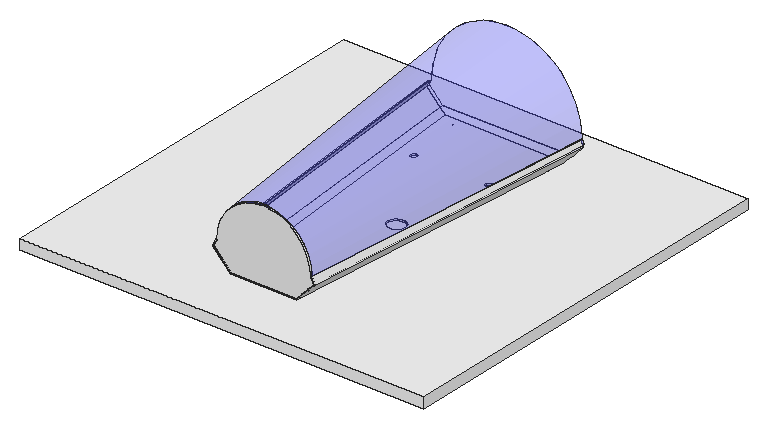
Revit family "BE_50126.1_de_DE", category Leuchten, Revit 2015
Parameters (values of type "BEGA_50126.1_K4")
  built-in parameter 1150104 = 9.1324 (stored number, unit not read)
  Wattage = 24 W
  Default Elevation = 0 mm
  built-in parameter 1150113 = 1 (stored number, unit not read)
  built-in parameter 1114218 = 1 (stored number, unit not read)
  Umgebungstemperatur = "25 °C"
  URL = "http://www.bega.de/produkt/50126.1"
  Typenkommentare = "© 2017 BEGA. Wir behalten uns das Recht vor, technische Änderungen ohne vorherige Ankündigung vorzunehmen."  # constant formula
  built-in parameter 1150134 = 12
  built-in parameter 1150109 = 1 (stored number, unit not read)
  Strom = ""
  built-in parameter 1150110 = 1 (stored number, unit not read)
  Spannung = 230 V
  Sonderanfertigung = no
  Seriennummer [instance] = "Hier können Sie die eindeutige Seriennummer für das Facility Management eintragen."
  Schutzklasse = "I"
  Schutzart = "IP 20"
  Scheinlast = 0 VA
  Produktdatenblatt = "http://www.bega.de/download/Xrfa/db/50126.1.db.de.pdf"
  Oberflächentemperatur = ""
  Neigungswinkel = 0.00°
  Modell = "50126.1K4"
  Material_17 = BEGA_Reflektor
  Material_15 = BEGA_Leuchtmedium_matt
  Material_11 = BEGA_Glas_opal
  Material_09 = BEGA_Glas_klar
  Material_06 = BEGA_Oberfläche_Edelstahl_gebürstet
  Material_05 = BEGA_Oberfläche_Aluminium Guss
  Material_03 = BEGA_Oberfläche_Weiss_matt
  Material_02 = BEGA_Oberfläche_Silber_matt
  Material_01 [instance] = BEGA_Oberfläche_Grafit_matt
  M_W = no
  M_G = no
  M_A = no
  Logo = 0
  built-in parameter 1114217 = 1 (stored number, unit not read)
  built-in parameter 1150139 = (empty or 0)
  built-in parameter 1150105 = 187.74 (stored number, unit not read)
  built-in parameter 1150114 = 1 (stored number, unit not read)
  Lumens = 2359.2 lm
  built-in parameter 1150115 = 1 (stored number, unit not read)
  Leuchtenlichtstrom = "1435 lm"
  Leuchtenanzahl = ""
  Lebensdauerkriterien = "L70B50 @ 25 °C =  h"
  Lastklassifizierung = Beleuchtung
  built-in parameter 1150112 = 1 (stored number, unit not read)
  Lampenlichtstrom = "2360 lm"
  Lampe = "LED 24 W"
  LED_Modulbezeichnung = "LED-0607/840 "
  Hersteller = "BEGA"  # constant formula
  Halbstreuwinkel = ""
  Gewicht = "1.45 kg"
  Gebrauchslageneinschränkung [instance] = ""
  Frequenz = "50/60 Hz"
  Farbwiedergabeindex = "Ra > 80"
  Farbtemperaturverschiebung bei Dämpfen der Lampe = <Keine Auswahl>
  Farbtemperatur = "4000 K"
  Color Filter = 16777215
  built-in parameter 1150133 = 10 (stored number, unit not read)
  Energieeffizienzklasse = "LED A++ - A"
  built-in parameter 1150137 = (empty or 0)
  built-in parameter 1150132 = (empty or 0)
  ENEC = ""
  Dimmbar [instance] = ""
  Datei für fotometrisches Netz = "BE_50126K4.IES"
  CE_Konformität = "ja"
  Bestellnummer = "50126.1K4"
  Beschreibung_Sonderanfertigung = "Hier können Sie Informationen zur Sonderanfertigung eintragen."
  Beschreibung = "Wandleuchte"
  built-in parameter 1150106 = 1.8774 (stored number, unit not read)
  Befestigungsbohrung = "Ø 6 mm"
  Befestigungsabstand = "74 mm"
  Ballwurfsicher = ""
  BEGA_Intern_aus = yes
  BEGA_Intern_an = yes
  BEGA_Intern_Konstruktion = yes
  BEGA_Intern = yes
  BEGA_IES = yes
  BEGA_Dummy = no
  Anschlussleitung = ""
  Anschlussleistung [instance] = "24 W"
  Anschlusskasten = ""
  built-in parameter 1150107 = 4000 (stored number, unit not read)
  built-in parameter 1150102 = (empty or 0)
  built-in parameter 1150138 = (empty or 0)
  Aktualisierung = "2017-09-22T04:10:28"
  Abstand_zur_angestrahlten_Fläche [instance] = ""
  AC/DC = "AC"
Types (2, lengths in mm): name | built-in parameter 1150104 | built-in parameter 1150134 | Modell | built-in parameter 1150105 | Lumens | Leuchtenlichtstrom | Lampenlichtstrom | LED_Modulbezeichnung | Farbtemperatur | Datei für fotometrisches Netz | Bestellnummer | built-in parameter 1150106 | built-in parameter 1150107
  BEGA_50126.1_K3 | 8.3613 (stored number, unit not read) | (empty or 0) | "50126.1" | 171.89 (stored number, unit not read) | 2160 lm | "1314 lm" | "2160 lm" | "LED-0607/830 " | "3000 K" | "BE_50126.IES" | "50126.1" | 1.7189 (stored number, unit not read) | 3000 (stored number, unit not read)
  BEGA_50126.1_K4 | 9.1324 (stored number, unit not read) | 12 | "50126.1K4" | 187.74 (stored number, unit not read) | 2359.2 lm | "1435 lm" | "2360 lm" | "LED-0607/840 " | "4000 K" | "BE_50126K4.IES" | "50126.1K4" | 1.8774 (stored number, unit not read) | 4000 (stored number, unit not read)
Reference planes
  plane 1 "Mitte (Vorne/Hinten)": y = 0
  plane 2: z = 0
  plane 3 "Mitte (Links/Rechts)": x = 0
  plane 4 "Links": x = -78.037
  plane 5 "Rechts": x = 78.037
  plane 6 "Unten": y = -148.5
  plane 7 "Oben": y = 152.5
  plane 8 "Vorne": z = 104.35
  plane 9 "Hinten": z = 0
Forms (mm)
  Extrusion 1, solid, material "BEGA_Platte_Weiss"
    sketch origin (0, -1119.2, 0) x (1, 0, 0) y (0, 1, 0)
      loop
        line (-200, 1319.2) -> (-200, 919.2) -> (200, 919.2) -> (200, 1319.2) -> (-200, 1319.2)
    from 0 to -10
  Extrusion 2, solid, material "BEGA_Dummy_matt", visible <- "BEGA_Dummy"
    sketch origin (80.095, -76.023, 0) x (1, 0, 0) y (0, 1, 0)
      loop
        line (-158.133, 228.523) -> (-158.133, -72.477) -> (-2.058, -72.477) -> (-2.058, 228.523) -> (-158.133, 228.523)
    from 0 to 104.35
Dimensions and locks
  plane 1 "Mitte (Vorne/Hinten)" to Extrusion 1 = 200 mm
  aligned and locked: plane 2 to Extrusion 1
  aligned and locked: level to Extrusion 1
Nested families
  nested 1: "BE_50126.1" at (0, 0, 0), type "BE_50126.1"
Connectors
  electrical at (0, 0, 0), driven by "Lastklassifizierung", driven by "Spannung", driven by "Scheinlast"
    settings: index 1, voltage 230 V, apparent load 0 VA, apparent load phase1 0 VA, apparent load phase2 0 VA, apparent load phase3 0 VA, power factor 1, load classification "Beleuchtung", number of poles 1, system type 31, power factor state 1, is connector primary yes, connector utility no, sub classification motor no, connector description ""
Definition of nested family "BE_50126.1"
  Parameters (values of type "BE_50126.1")
    Default Elevation = 1 mm
    URL = "http://www.bega.de/de/produkt"
    Type Comments = "© 2015 BEGA. Wir behalten uns das Recht vor, technische Änderungen ohne vorherige Ankündigung vorzunehmen. "  # constant formula
    Type Image = (empty or 0)
    Neigungswinkel_um_Z2 = 0.00°
    Neigungswinkel_um_Z1 = 0.00°
    Neigungswinkel_um_Y2 = 0.00°
    Neigungswinkel_um_Y1 = 0.00°
    Neigungswinkel_um_X2 = 0.00°
    Neigungswinkel_um_X1 = 0.00°
    Material_17 = none
    Material_15 = none
    Material_11 = none
    Material_09 = none
    Material_06 = none
    Material_05 = none
    Material_03 = none
    Material_02 = none
    Material_01 = none
    M_W = yes
    M_G = yes
    M_A = yes
    Länge_Platte = 200 mm  # constant formula
    Höhe_Platte = -10 mm  # constant formula
    Manufacturer = "BEGA"  # constant formula
    Drehwinkel_um_Z2 = 0.00°
    Drehwinkel_um_Z1 = 0.00°
    Breite_Platte = 400 mm  # constant formula
  Reference planes
    plane 1 "Mitte (Oben/Unten)": y = 0
    plane 2: z = 0
    plane 3 "Mitte (Links/Rechts)": x = 0
    plane 4: x = -78.037
    plane 5: x = 78.037
    plane 6: z = 104.35
    plane 7: y = 152.5
    plane 8: y = -148.5
  Forms (mm)
    Extrusion 1, solid, detail levels medium
      sketch origin (0, 0, 0) x (1, 0, 0) y (0, 1, 0)
        loop
          line (-100, 200) -> (-100, -200) -> (100, -200) -> (100, 200) -> (-100, 200)
      from 0 to -10 <- "Höhe_Platte"
    Blend 2, solid, material <- "Material_11", detail levels medium+fine
      base sketch origin (0, 0, 0) x (1, 0, 0) y (0, 0, 1)
        loop
          line (-37.199, 11) -> (37.199, 11) -> (49.44, 23.901) -> (47.137, 28.682)
          arc (47.137, 28.682) -> (0, 76.932) -> (-47.137, 28.682) r 47.15
          line (-47.137, 28.682) -> (-49.44, 23.901) -> (-37.199, 11)
      top sketch origin (0, 0, 0) x (1, 0, 0) y (0, 0, 1)
        loop
          line (-63.509, 11) -> (63.509, 11) -> (76.833, 25.018) -> (74.65, 29.7)
          arc (74.65, 29.7) -> (0, 104.35) -> (-74.65, 29.7) r 74.65
          line (-74.65, 29.7) -> (-76.833, 25.018) -> (-63.509, 11)
      from 147.5 to -152.5
    Extrusion 3, solid, material <- "Material_03", detail levels medium+fine
      sketch origin (0, 0, 0) x (1, 0, 0) y (0, 0, 1)
        loop
          line (-32.456, 6) -> (32.456, 6) -> (49.44, 23.901) -> (46.65, 29.694)
          arc (46.65, 29.694) -> (0, 76.432) -> (-46.65, 29.694) r 46.65
          line (-46.65, 29.694) -> (-49.44, 23.901) -> (-32.456, 6)
      from 147.5 to 148.5
    SweptBlend 4, solid, material <- "Material_03", detail levels medium+fine
      path origin (0, 0, 2) x (0, 1, 0) y (0, 0, -1)
        loop
          line (-148.5, -3) -> (148.5, -3)
      profile origin (0, -148.5, 5) x (0, 0, 1) y (1, 0, 0)
        loop
          line (18.901, -49.44) -> (1, -32.456) -> (1, 32.456) -> (18.901, 49.44) -> (25.078, 46.465) -> (25.416, 47.19) -> (18.751, 50.4) -> (0, 32.61) -> (0, -32.61) -> (18.751, -50.4) -> (25.416, -47.19) -> (25.078, -46.465) -> (18.901, -49.44)
      end profile origin (0, 148.5, 5) x (0, 0, 1) y (1, 0, 0)
        loop
          line (24.991, -75.632) -> (24.653, -74.907) -> (20.18, -76.987) -> (0.8, -58.566) -> (0.8, 58.566) -> (20.18, 76.987) -> (24.653, 74.907) -> (24.991, 75.632) -> (19.82, 78.037) -> (0, 59.199) -> (0, -59.199) -> (19.82, -78.037) -> (24.991, -75.632)
    Revolve 5, solid, material <- "Material_03", detail levels medium+fine
      sketch origin (0, -122.5, 0) x (1, 0, 0) y (0, 0, 1)
        loop
          line (-29, 0) -> (-25, 0) -> (-25, 5.098) -> (-29, 5.098) -> (-29, 0)
        axis (-25, 5.098) -> (-25, 0)
      angle from 0 to 360
    Extrusion 6, void
      sketch origin (0, 0, 0) x (1, 0, 0) y (0, 1, 0)
        loop
          circle (-37.05, 83.5) r 3
        loop
          circle (20, -9.5) r 8.5
        loop
          circle (37.05, 83.5) r 3
      from 0 to 8
    Revolve 7, solid, material <- "Material_03", detail levels medium+fine
      sketch origin (0, -122.5, 0) x (-1, 0, 0) y (0, 0, -1)
        loop
          line (-29, 0) -> (-29, -5.098) -> (-25, -5.098) -> (-25, 0) -> (-29, 0)
        axis (-25, -5.098) -> (-25, 0)
      angle from 0 to 360
    Revolve 8, solid, material <- "Material_03", detail levels medium+fine
      sketch origin (-23, 139.5, 0) x (1, 0, 0) y (0, 0, 1)
        loop
          line (-29, 0) -> (-25, 0) -> (-25, 5.098) -> (-29, 5.098) -> (-29, 0)
        axis (-25, 5.098) -> (-25, 0)
      angle from 0 to 360
    Revolve 9, solid, material <- "Material_03", detail levels medium+fine
      sketch origin (23, 139.5, 0) x (-1, 0, 0) y (0, 0, -1)
        loop
          line (-29, 0) -> (-29, -5.098) -> (-25, -5.098) -> (-25, 0) -> (-29, 0)
        axis (-25, -5.098) -> (-25, 0)
      angle from 0 to 360
  Cuts and joins
    Extrusion 6 cuts SweptBlend 4
    Extrusion 6 cuts Revolve 5
    joined: SweptBlend 4, Revolve 5, Revolve 7, Revolve 8, Revolve 9
    Extrusion 6 cuts Blend 2
  Dimensions and locks
    equal spacing: Extrusion 1 sketch curve, plane 3 "Mitte (Links/Rechts)", Extrusion 1 sketch curve
    equal spacing: Extrusion 1 sketch curve, plane 1 "Mitte (Oben/Unten)", Extrusion 1 sketch curve
    "Länge_Platte": Extrusion 1 sketch curve to Extrusion 1 sketch curve
    "Breite_Platte": Extrusion 1 sketch curve to Extrusion 1 sketch curve
    aligned and locked: Extrusion 1 to plane 2
    aligned and locked: level to Extrusion 1
  Automatic sketch dimensions
    Extrusion 3 sketch curve to Extrusion 3 sketch curve = 2.79 mm  (x2)
    level to Extrusion 3 sketch curve = 6 mm
    Extrusion 3 sketch curve to Extrusion 3 sketch curve = 16.984 mm
    level to Extrusion 3 sketch curve = 23.901 mm  (x2)
    Extrusion 3 sketch curve to Extrusion 3 sketch curve = 5.792 mm
    SweptBlend 4 sketch curve to level = 5 mm
    SweptBlend 4 sketch curve to profile plane = 0 mm  (x2)
    SweptBlend 4 sketch curve to profile plane = 1 mm
    SweptBlend 4 sketch curve to profile plane = 18.751 mm  (x2)
    SweptBlend 4 sketch curve to SweptBlend 4 sketch curve = 0.15 mm  (x2)
    SweptBlend 4 sketch curve to SweptBlend 4 sketch curve = 6.177 mm  (x2)
    SweptBlend 4 sketch curve to SweptBlend 4 sketch curve = 0.338 mm  (x4)
    SweptBlend 4 sketch curve to plane 3 "Mitte (Links/Rechts)" = 50.4 mm
    SweptBlend 4 sketch curve to SweptBlend 4 sketch curve = 0.96 mm  (x2)
    SweptBlend 4 sketch curve to SweptBlend 4 sketch curve = 2.25 mm
    SweptBlend 4 sketch curve to SweptBlend 4 sketch curve = 0.725 mm  (x4)
    SweptBlend 4 sketch curve to SweptBlend 4 sketch curve = 16.83 mm
    SweptBlend 4 sketch curve to SweptBlend 4 sketch curve = 0.154 mm  (x2)
    plane 3 "Mitte (Links/Rechts)" to SweptBlend 4 sketch curve = 32.456 mm
    SweptBlend 4 sketch curve to SweptBlend 4 sketch curve = 14.009 mm
    SweptBlend 4 sketch curve to SweptBlend 4 sketch curve = 2.975 mm
    Revolve 5 sketch curve to level = 0 mm  (x2)
    Revolve 5 sketch curve to plane 3 "Mitte (Links/Rechts)" = 29 mm
    Revolve 5 sketch curve to Revolve 5 sketch curve = 4 mm
    Revolve 5 sketch curve to Revolve 5 sketch curve = 5.098 mm
    Revolve 5 sketch curve to Revolve 5 sketch curve = 0 mm
    Revolve 5 sketch curve to Revolve 5 sketch curve = 1.215 mm
    Revolve 7 sketch curve to level = 0 mm  (x2)
    plane 3 "Mitte (Links/Rechts)" to Revolve 7 sketch curve = 29 mm
    Revolve 7 sketch curve to Revolve 7 sketch curve = 4 mm
    Revolve 7 sketch curve to Revolve 7 sketch curve = 5.098 mm
    Revolve 7 sketch curve to Revolve 7 sketch curve = 0 mm
    Revolve 7 sketch curve to Revolve 7 sketch curve = 1.215 mm
    Revolve 8 sketch curve to level = 0 mm  (x2)
    Revolve 8 sketch curve to Revolve 8 sketch curve = 4 mm
    Revolve 8 sketch curve to Revolve 8 sketch curve = 5.098 mm
    Revolve 8 sketch curve to Revolve 8 sketch curve = 0 mm
    Revolve 8 sketch curve to Revolve 8 sketch curve = 1.215 mm
    Revolve 9 sketch curve to level = 0 mm  (x2)
    Revolve 9 sketch curve to Revolve 9 sketch curve = 4 mm
    Revolve 9 sketch curve to Revolve 9 sketch curve = 5.098 mm
    Revolve 9 sketch curve to Revolve 9 sketch curve = 0 mm
    Revolve 9 sketch curve to Revolve 9 sketch curve = 1.215 mm
    plane 1 "Mitte (Oben/Unten)" to Extrusion 6 sketch curve = 9.5 mm
    plane 3 "Mitte (Links/Rechts)" to Extrusion 6 sketch curve = 20 mm
    SweptBlend 4 sketch curve to profile plane = 19.82 mm  (x2)
    SweptBlend 4 sketch curve to SweptBlend 4 sketch curve = 0.361 mm  (x2)
    SweptBlend 4 sketch curve to SweptBlend 4 sketch curve = 4.473 mm  (x2)
    SweptBlend 4 sketch curve to plane 3 "Mitte (Links/Rechts)" = 78.037 mm
    SweptBlend 4 sketch curve to SweptBlend 4 sketch curve = 1.05 mm  (x2)
    SweptBlend 4 sketch curve to SweptBlend 4 sketch curve = 1.356 mm
    SweptBlend 4 sketch curve to SweptBlend 4 sketch curve = 17.788 mm
    SweptBlend 4 sketch curve to SweptBlend 4 sketch curve = 0.633 mm  (x2)
    plane 3 "Mitte (Links/Rechts)" to SweptBlend 4 sketch curve = 58.566 mm
    SweptBlend 4 sketch curve to SweptBlend 4 sketch curve = 16.34 mm
    SweptBlend 4 sketch curve to SweptBlend 4 sketch curve = 2.081 mm
    SweptBlend 4 sketch curve to profile plane = 0.8 mm
    Extrusion 3 sketch curve to plane 3 "Mitte (Links/Rechts)" = 0 mm
    level to Extrusion 3 sketch curve = 29.782 mm
    Blend 2 sketch curve to plane 3 "Mitte (Links/Rechts)" = 0 mm  (x2)
    Blend 2 sketch curve to Blend 2 sketch curve = 2.183 mm  (x2)
    level to Blend 2 sketch curve = 11 mm  (x2)
    Blend 2 sketch curve to Blend 2 sketch curve = 14.018 mm  (x2)
    level to Blend 2 sketch curve = 29.7 mm
    Blend 2 sketch curve to Blend 2 sketch curve = 4.682 mm  (x2)
    Blend 2 sketch curve to Blend 2 sketch curve = 2.303 mm  (x2)
    Blend 2 sketch curve to Blend 2 sketch curve = 12.901 mm  (x2)
    Blend 2 sketch curve to Blend 2 sketch curve = 4.781 mm  (x2)
    Blend 2 sketch curve to Blend 2 sketch curve = 12.241 mm
    level to Blend 2 sketch curve = 29.782 mm
    Blend 2 sketch curve to plane 3 "Mitte (Links/Rechts)" = 37.199 mm
    Blend 2 sketch curve to Blend 2 sketch curve = 9.938 mm
    Blend 2 sketch curve to plane 3 "Mitte (Links/Rechts)" = 63.509 mm
    Blend 2 sketch curve to Blend 2 sketch curve = 11.141 mm
    Extrusion 3 sketch curve to plane 3 "Mitte (Links/Rechts)" = 32.456 mm
    Extrusion 6 sketch curve to plane 3 "Mitte (Links/Rechts)" = 37.05 mm
    Revolve 8 sketch curve to plane 3 "Mitte (Links/Rechts)" = 52 mm
    Blend 2 sketch curve to Blend 2 sketch curve = 13.324 mm
    plane 3 "Mitte (Links/Rechts)" to Extrusion 3 sketch curve = 32.456 mm
    level to Extrusion 3 sketch curve = 29.694 mm
    plane 3 "Mitte (Links/Rechts)" to Extrusion 6 sketch curve = 37.05 mm
    plane 3 "Mitte (Links/Rechts)" to Revolve 9 sketch curve = 52 mm
    plane 1 "Mitte (Oben/Unten)" to SweptBlend 4 sketch curve = 148.5 mm
    Extrusion 6 sketch curve to plane 1 "Mitte (Oben/Unten)" = 83.5 mm
    Extrusion 6 sketch curve to Extrusion 6 sketch curve = 0 mm
    SweptBlend 4 sketch curve to plane 1 "Mitte (Oben/Unten)" = 148.5 mm
    radius of Extrusion 6 sketch curve = 3 mm  (x2)
    radius of Extrusion 6 sketch curve = 8.5 mm
